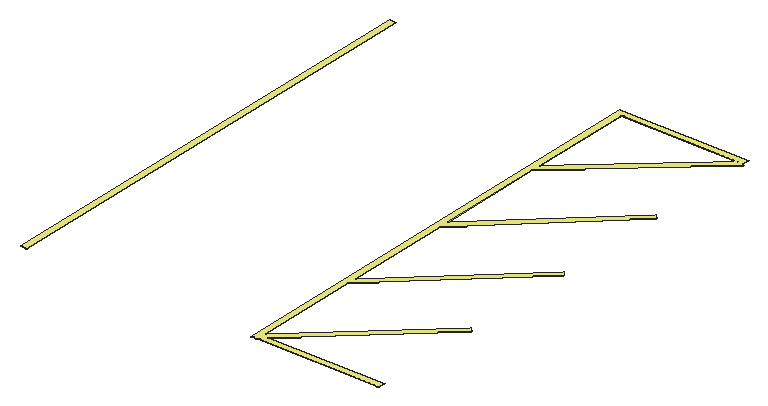
Revit family "5e038eac2b0845d0bbfec03239fe1b31", category Parking, Revit 2021
Family settings
  Seek Item ID = Parking Space - ADA-0000-USA-ENU
  Work Plane-Based = No
  Always vertical = No
  Cut with Voids When Loaded = No
  Shared = No
Parameters (values of type "9' x 18' (5' Aisle)")
  Accesible Aisle = 5' - 0"
  Length = 18' - 0"
  Width = 9' - 0"
Types (4): name | Accesible Aisle | Width
  (no name) | 5' - 0" | 9' - 0"
  9' x 18' (5' Aisle) | 5' - 0" | 9' - 0"
  9' x 18' (8' Aisle) | 8' - 0" | 9' - 0"
  Type 3 | 4' - 0" | 10' - 0"
Reference planes (in)
  plane 1: z = 0
  plane 2 "Center (Left/Right)": x = 49.80166
  plane 3 "Center (Front/Back)": y = 33.82777
  plane 4: x = 157.80166
  plane 5: y = -182.17223
  plane 6: x = 217.80166
  plane 7: y = -182.17223
  plane 8: x = 216.30166
  plane 9: y = -20.17223
  plane 10: y = -74.17223
  plane 11: y = -128.17223
  plane 12: x = 159.30166
Forms (in)
  Extrusion 1, solid, material "Parking Stripe"
    sketch origin (0, 0, 0) x (1, 0, 0) y (0, 1, 0)
      loop
        line (48.30166, 33.82777) -> (48.30166, -182.17223) -> (51.30166, -182.17223) -> (51.30166, 33.82777) -> (48.30166, 33.82777)
      loop
        line (156.30166, 33.82777) -> (156.30166, -182.17223) -> (159.30166, -182.17223) -> (216.30166, -182.17223) -> (216.30166, -179.17223) -> (159.30166, -179.17223) -> (159.30166, 30.82777) -> (216.30166, 30.82777) -> (216.30166, 33.82777) -> (159.30166, 33.82777) -> (156.30166, 33.82777)
    from 0 to 0.0625
  Sweep 2, solid, material "Parking Stripe"
    path origin (0, 0, 0) x (1, 0, 0) y (0, 1, 0)
      loop
        line (216.30166, 30.82777) -> (157.80166, -20.17223)
    profile origin (108.91677, 94.95308, 0) x (0.657135, -0.753773, 0) y (0, 0, 1)
      loop
        line (117.4023, 0.0625) -> (117.4023, 0) -> (120.4023, 0) -> (120.4023, 0.0625) -> (117.4023, 0.0625)
  Sweep 3, solid, material "Parking Stripe"
    path origin (0, 0, 0) x (1, 0, 0) y (0, 1, 0)
      loop
        line (216.30166, -20.17223) -> (157.80166, -74.17223)
    profile origin (77.48518, 71.52478, 0) x (0.67828, -0.734803, 0) y (0, 0, 1)
      loop
        line (163.03573, 0.0625) -> (160.03573, 0.0625) -> (160.03573, 0) -> (163.03573, 0) -> (163.03573, 0.0625)
  Sweep 4, solid, material "Parking Stripe"
    path origin (0, 0, 0) x (1, 0, 0) y (0, 1, 0)
      loop
        line (216.30166, -128.17223) -> (159.30166, -179.17223)
    profile origin (27.93887, 24.99794, 0) x (0.666795, -0.745241, 0) y (0, 0, 1)
      loop
        line (241.24807, 0.0625) -> (238.24807, 0.0625) -> (238.24807, 0) -> (241.24807, 0) -> (241.24807, 0.0625)
  Sweep 5, solid, material "Parking Stripe"
    path origin (0, 0, 0) x (1, 0, 0) y (0, 1, 0)
      loop
        line (216.30166, -74.17223) -> (157.80166, -128.17223)
    profile origin (50.57144, 46.68133, 0) x (0.67828, -0.734803, 0) y (0, 0, 1)
      loop
        line (202.71512, 0.0625) -> (199.71512, 0.0625) -> (199.71512, 0) -> (202.71512, 0) -> (202.71512, 0.0625)
Cuts and joins
  joined: Extrusion 1, Sweep 2, Sweep 3, Sweep 4, Sweep 5
Lines and regions (in)
  symbolic lines, style "Parking Layout"
    curve 1: line (49.80166, 33.82777, 0) -> (157.80166, 33.82777, 0)
    curve 2: line (49.80166, 33.82777, 0) -> (49.80166, -182.17223, 0)
  symbolic lines, style "Reference Line", detail levels coarse+medium
    curve 3: line (157.80166, 33.82777, 0) -> (157.80166, -20.17223, 0)
  symbolic lines, style "InvisibleLines"
    curve 4: line (159.30166, -179.17223, 0) -> (216.30166, -128.17223, 0)
    curve 5: line (157.80166, -74.17223, 0) -> (216.30166, -20.17223, 0)
    curve 6: line (157.80166, -128.17223, 0) -> (216.30166, -74.17223, 0)
    curve 7: line (157.80166, -20.17223, 0) -> (216.30166, 30.82777, 0)
Dimensions and locks (in)
  "Length": plane 5 to plane 3 "Center (Front/Back)"
  "Width": plane 2 "Center (Left/Right)" to plane 4
  "Accesible Aisle": plane 4 to plane 6
  "Length": plane 7 to plane 3 "Center (Front/Back)"
  locked: Extrusion 1 sketch curve to Extrusion 1 sketch curve at 3  (x2)
  equal spacing: Extrusion 1 sketch curve, plane 2 "Center (Left/Right)", Extrusion 1 sketch curve
  locked: Extrusion 1 sketch curve to plane 3 "Center (Front/Back)" at 3
  equal spacing: Extrusion 1 sketch curve, plane 4, Extrusion 1 sketch curve
  locked: Extrusion 1 sketch curve to plane 6 at 1.5  (x2)
  locked: plane 7 to Extrusion 1 sketch curve at 3
  locked: plane 8 to plane 6 at 1.5
  equal spacing: plane 7, plane 11, plane 10, plane 9, plane 3 "Center (Front/Back)"
  locked: plane 4 to plane 12 at 1.5
  aligned and locked: plane 2 "Center (Left/Right)" to curve 1
  aligned and locked: Sweep 2 sketch curve to curve 7
  aligned and locked: Sweep 2 sketch curve to plane 1
  aligned and locked: Sweep 2 sketch curve to Extrusion 1
  aligned and locked: plane 4 to curve 5
  aligned and locked: plane 10 to curve 5
  aligned and locked: Sweep 3 sketch curve to curve 5
  aligned and locked: cut or joined group of Extrusion 1, Sweep 2, Sweep 3, Sweep 4, Sweep 5 to Sweep 3 sketch curve  (x2)
  aligned and locked: Sweep 4 sketch curve to curve 4
  aligned and locked: cut or joined group of Extrusion 1, Sweep 2, Sweep 3, Sweep 4, Sweep 5 to Sweep 4 sketch curve  (x2)
  aligned and locked: plane 4 to curve 6
  aligned and locked: plane 11 to curve 6
  aligned and locked: Sweep 5 sketch curve to curve 6
  aligned and locked: cut or joined group of Extrusion 1, Sweep 2, Sweep 3, Sweep 4, Sweep 5 to Sweep 5 sketch curve  (x2)
Automatic sketch dimensions
  Extrusion 1 sketch curve to plane 5 = 0' - 0"  (x2)
  Extrusion 1 sketch curve to plane 3 "Center (Front/Back)" = 0' - 0"  (x2)
  Extrusion 1 sketch curve to plane 4 = 0' - 1 1/2"  (x2)
  Sweep 2 sketch curve to plane 4 = 0' - 0"
  profile plane to Sweep 2 sketch curve = 0' - 1 1/2"
  Sweep 2 sketch curve to profile plane = 0' - 1 1/2"
  Sweep 2 sketch curve to plane 8 = 0' - 0"
  Sweep 3 sketch curve to plane 4 = 0' - 0"
  Sweep 3 sketch curve to plane 8 = 0' - 0"
  profile plane to Sweep 3 sketch curve = 0' - 1 1/2"
  Sweep 3 sketch curve to profile plane = 0' - 1 1/2"
  Sweep 4 sketch curve to plane 12 = 0' - 0"
  Sweep 4 sketch curve to plane 8 = 0' - 0"
  profile plane to Sweep 4 sketch curve = 0' - 1 1/2"
  Sweep 4 sketch curve to profile plane = 0' - 1 1/2"
  curve 3 to plane 4 = 0' - 0"
  curve 4 to plane 12 = 0' - 0"
  curve 6 to plane 8 = 0' - 0"
  curve 5 to plane 8 = 0' - 0"
  curve 4 to plane 8 = 0' - 0"
  curve 7 to plane 8 = 0' - 0"
  curve 2 to plane 7 = 0' - 0"
  curve 4 to plane 11 = 0' - 0"
  curve 6 to plane 10 = 0' - 0"
  curve 5 to plane 9 = 0' - 0"
  curve 7 to plane 9 = 0' - 0"
  curve 1 to plane 3 "Center (Front/Back)" = 0' - 0"
  plane 7 to curve 4 = 0' - 3"
  plane 3 "Center (Front/Back)" to curve 7 = 0' - 3"
  Sweep 5 sketch curve to plane 11 = 0' - 0"
  Sweep 5 sketch curve to plane 10 = 0' - 0"
  profile plane to Sweep 5 sketch curve = 0' - 1 1/2"
  Sweep 5 sketch curve to profile plane = 0' - 1 1/2"
